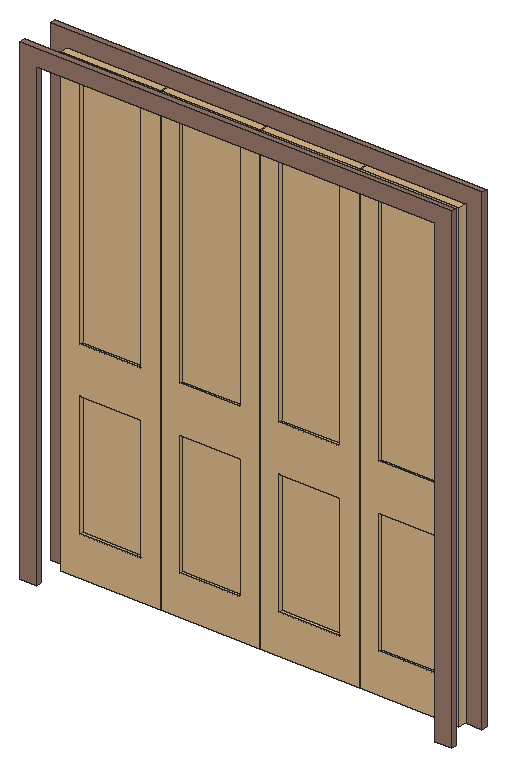
Revit family
Parameters (values of type "72" x 84"")
  Thickness = 0' - 1 1/2"
  Assembly Code = "C1020"
  Description = ""
  Door Material = Door - Panel
  Frame Material = Door - Frame
  Height = 7' - 0"
  Trim Width = 0' - 3"
  Wall Closure = (empty or 0)
  Width = 6' - 0"
Types (4): name | Height | Width
  48" x 84" | 7' - 0" | 4' - 0"
  60" x 84" | 7' - 0" | 5' - 0"
  72" x 84" | 7' - 0" | 6' - 0"
  72" x 80" | 6' - 8" | 6' - 0"
Reference planes (in)
  plane 1: y = 0
  plane 2 "Center": x = 0
  plane 3 "Left": x = -36
  plane 4 "Right": x = 36
  plane 5 "Top": z = 84
  plane 6: x = -18
  plane 7: x = 18
  plane 8: z = 44
  plane 9: x = -20
  plane 10: x = -4
  plane 11: y = 3
  plane 12: x = 4
  plane 13: x = 20
  plane 14: y = 1.5
  plane 15: y = -4
  plane 16: y = -3
  plane 17: y = 4
  plane 18: z = 7.25
  plane 19: z = 80.75
  plane 20: z = 29.5
  plane 21: z = 38
  plane 22: x = 32.5
  plane 23: x = 21.5
  plane 24: x = 3.5
  plane 25: x = 14.5
  plane 26: x = -3.5
  plane 27: x = -14.5
  plane 28: x = -21.5
  plane 29: x = -32.5
  plane 30: y = 2.5
  plane 31: y = 2
  plane 32: y = 3
Forms (in)
  Extrusion 1, solid, material "Door - Panel" <- "Door Material"
    sketch origin (-60, 3, 0) x (-1, 0, 0) y (0, 0, 1)
      loop
        line (-96, 0) -> (-78, 0) -> (-78, 84) -> (-96, 84) -> (-96, 0)
      loop
        line (-92.5, 80.75) -> (-92.5, 38) -> (-81.5, 38) -> (-81.5, 80.75) -> (-92.5, 80.75)
      loop
        line (-92.5, 29.5) -> (-92.5, 7.25) -> (-81.5, 7.25) -> (-81.5, 29.5) -> (-92.5, 29.5)
    from 0 to -1.5
  Extrusion 2, solid, material "Door - Panel" <- "Door Material"
    sketch origin (-60, 3, 0) x (-1, 0, 0) y (0, 0, 1)
      loop
        line (-78, 0) -> (-60, 0) -> (-60, 84) -> (-78, 84) -> (-78, 0)
      loop
        line (-74.5, 80.75) -> (-74.5, 38) -> (-63.5, 38) -> (-63.5, 80.75) -> (-74.5, 80.75)
      loop
        line (-74.5, 29.5) -> (-74.5, 7.25) -> (-63.5, 7.25) -> (-63.5, 29.5) -> (-74.5, 29.5)
    from 0 to -1.5
  Extrusion 3, solid, material "Door - Panel" <- "Door Material"
    sketch origin (-60, 3, 0) x (-1, 0, 0) y (0, 0, 1)
      loop
        line (-60, 0) -> (-42, 0) -> (-42, 84) -> (-60, 84) -> (-60, 0)
      loop
        line (-56.5, 80.75) -> (-56.5, 38) -> (-45.5, 38) -> (-45.5, 80.75) -> (-56.5, 80.75)
      loop
        line (-56.5, 29.5) -> (-56.5, 7.25) -> (-45.5, 7.25) -> (-45.5, 29.5) -> (-56.5, 29.5)
    from 0 to -1.5
  Extrusion 4, solid, material "Door - Panel" <- "Door Material"
    sketch origin (-60, 3, 0) x (-1, 0, 0) y (0, 0, 1)
      loop
        line (-42, 0) -> (-24, 0) -> (-24, 84) -> (-42, 84) -> (-42, 0)
      loop
        line (-38.5, 80.75) -> (-38.5, 38) -> (-27.5, 38) -> (-27.5, 80.75) -> (-38.5, 80.75)
      loop
        line (-38.5, 29.5) -> (-38.5, 7.25) -> (-27.5, 7.25) -> (-27.5, 29.5) -> (-38.5, 29.5)
    from 0 to -1.5
  Extrusion 5, solid, material "Door - Frame" <- "Frame Material"
    sketch origin (-60, 3, 0) x (-1, 0, 0) y (0, 0, 1)
      loop
        line (-99, 87) -> (-99, 0) -> (-96, 0) -> (-96, 84) -> (-24, 84) -> (-24, 0) -> (-21, 0) -> (-21, 87) -> (-99, 87)
    from 0 to 1
  Extrusion 6, solid, material "Door - Frame" <- "Frame Material"
    sketch origin (-60, -3, 0) x (-1, 0, 0) y (0, 0, -1)
      loop
        line (-99, -87) -> (-21, -87) -> (-21, 0) -> (-24, 0) -> (-24, -84) -> (-96, -84) -> (-96, 0) -> (-99, 0) -> (-99, -87)
    from 1 to 0
  Extrusion 7, solid, material "Door - Panel" <- "Door Material"
    sketch origin (-60, 3, 0) x (-1, 0, 0) y (0, 0, 1)
      loop
        line (-92.5, 80.75) -> (-92.5, 38) -> (-81.5, 38) -> (-81.5, 80.75) -> (-92.5, 80.75)
      loop
        line (-92.5, 29.5) -> (-92.5, 7.25) -> (-81.5, 7.25) -> (-81.5, 29.5) -> (-92.5, 29.5)
      loop
        line (-74.5, 80.75) -> (-74.5, 38) -> (-63.5, 38) -> (-63.5, 80.75) -> (-74.5, 80.75)
      loop
        line (-74.5, 29.5) -> (-74.5, 7.25) -> (-63.5, 7.25) -> (-63.5, 29.5) -> (-74.5, 29.5)
      loop
        line (-56.5, 29.5) -> (-56.5, 7.25) -> (-45.5, 7.25) -> (-45.5, 29.5) -> (-56.5, 29.5)
      loop
        line (-45.5, 80.75) -> (-56.5, 80.75) -> (-56.5, 38) -> (-45.5, 38) -> (-45.5, 80.75)
      loop
        line (-27.5, 80.75) -> (-38.5, 80.75) -> (-38.5, 38) -> (-27.5, 38) -> (-27.5, 80.75)
      loop
        line (-27.5, 29.5) -> (-38.5, 29.5) -> (-38.5, 7.25) -> (-27.5, 7.25) -> (-27.5, 29.5)
    from -1 to -0.5
Lines and regions (in)
  Opening 1
    outline origin (-90, -3, 0) x (1, 0, 0) y (0, 0, 1)
      loop
        line (54, 0) -> (126, 0) -> (126, 84) -> (54, 84) -> (54, 0)
  symbolic lines, style "InvisibleLines", detail levels coarse
    curve 1: line (-36, 3, 0) -> (-20, 11.38176, 0)
    curve 2: line (-20, 11.38176, 0) -> (-4, 3, 0)
    curve 11: line (20.00421, 11.38176, 0) -> (35.91046, 3.04911, 0)
    curve 15: line (19.99579, 11.38176, 0) -> (3.99579, 3, 0)
  symbolic lines, style "DoorsPanelProjection"
    curve 3: line (-35.99579, 2.9922, 0) -> (-20.80462, 12.64769, 0)
    curve 4: line (-35.19117, 1.72627, 0) -> (-35.99579, 2.9922, 0)
    curve 5: line (-20, 11.38176, 0) -> (-35.19117, 1.72627, 0)
    curve 6: line (-20.80462, 12.64769, 0) -> (-20, 11.38176, 0)
    curve 7: line (-4.00421, 2.9922, 0) -> (-19.19538, 12.64769, 0)
    curve 8: line (-4.80883, 1.72627, 0) -> (-4.00421, 2.9922, 0)
    curve 9: line (-20, 11.38176, 0) -> (-4.80883, 1.72627, 0)
    curve 10: line (-19.19538, 12.64769, 0) -> (-20, 11.38176, 0)
    curve 12: line (35.91046, 3.04911, 0) -> (20.80883, 12.64769, 0)
    curve 13: line (20.00421, 11.38176, 0) -> (35.19538, 1.72627, 0)
    curve 14: line (20.80883, 12.64769, 0) -> (20.00421, 11.38176, 0)
    curve 16: line (4, 2.9922, 0) -> (19.19117, 12.64769, 0)
    curve 17: line (4.80462, 1.72627, 0) -> (4, 2.9922, 0)
    curve 18: line (19.99579, 11.38176, 0) -> (4.80462, 1.72627, 0)
    curve 19: line (19.19117, 12.64769, 0) -> (19.99579, 11.38176, 0)
    curve 20: line (35.19538, 1.72627, 0) -> (35.91046, 3.04911, 0)
  symbolic lines, style "Elevation Swing"
    curve 21: line (0, 0, 84) -> (14.5, 0, 44)
    curve 22: line (0, 0, 0) -> (14.5, 0, 44)
    curve 23: line (18, 0, 84) -> (36, 0, 44)
    curve 24: line (18, 0, 0) -> (36, 0, 44)
    curve 25: line (-18, 0, 84) -> (-36, 0, 44)
    curve 26: line (-36, 0, 44) -> (-18, 0, 0)
    curve 27: line (0, 0, 0) -> (-18, 0, 44)
    curve 28: line (-18, 0, 44) -> (0, 0, 84)
Text (in)
  text "Exterior" at (-58.67754, 9.66748, 0), in view "Floor Line"
  text "Interior" at (-58.34764, -8.28425, 0), in view "Floor Line"
  text "Exterior" at (0, 40.15149, 123.01588), in view "Right"
  text "Interior" at (0, -64.39139, 123.01588), in view "Right"
  text "Interior" at (0, -31.01599, 123.00693), in view "Left"
  text "Exterior" at (0, 54.57065, 123.00693), in view "Left"
Dimensions and locks (in)
  "Height": host wall to plane 5 "Top"
  host wall to plane 8 to plane 5 "Top" = 3' - 8", 3' - 4"
  "Trim Width": Extrusion 5 sketch curve to Extrusion 1
  "Trim Width": Extrusion 5 sketch curve to Extrusion 5 sketch curve
  "Trim Width": Extrusion 5 sketch curve to Extrusion 4
  "Trim Width": Extrusion 6 sketch curve to Extrusion 6 sketch curve
  locked: plane 10 to plane 2 "Center" at 4
  locked: plane 2 "Center" to plane 12 at 4
  "Width": plane 3 "Left" to plane 4 "Right"
  locked: plane 15 to host wall at 1
  "Trim Width": plane 4 "Right" to Extrusion 6 sketch curve
  "Trim Width": plane 3 "Left" to Extrusion 6 sketch curve
  equal spacing: plane 3 "Left", plane 9, plane 10
  equal spacing: plane 12, plane 13, plane 4 "Right"
  equal spacing: plane 3 "Left", plane 6, plane 2 "Center", plane 7, plane 4 "Right"
  level to plane 18 to plane 20 to plane 21 = 0' - 7 1/4", 1' - 10 1/4", 0' - 8 1/2"
  plane 19 to plane 5 "Top" = 0' - 3 1/4"
  plane 4 "Right" to plane 22 = 0' - 3 1/2"
  plane 23 to plane 7 = 0' - 3 1/2"
  plane 7 to plane 25 = 0' - 3 1/2"
  plane 24 to plane 2 "Center" = 0' - 3 1/2"
  plane 2 "Center" to plane 26 = 0' - 3 1/2"
  plane 27 to plane 6 = 0' - 3 1/2"
  plane 6 to plane 28 = 0' - 3 1/2"
  plane 29 to plane 3 "Left" = 0' - 3 1/2"
  locked: curve 3 to curve 5 at 1.5
  locked: curve 9 to curve 7 at 1.5
  locked: curve 18 to curve 16 at 1.5
  locked: curve 13 to curve 12 at 1.5
  locked: plane 32 to host wall at 0
  locked: plane 32 to plane 17 at 1
  locked: plane 14 to plane 32 at 1.5
  plane 14 to plane 31 to plane 30 to plane 32 = 0' - 0 1/2", 0' - 0 1/2", 0' - 0 1/2"
  aligned and locked: plane 3 "Left" to Opening 1 sketch curve
  aligned and locked: plane 5 "Top" to Opening 1 sketch curve  (x2)
  aligned and locked: Opening 1 sketch curve to plane 4 "Right"
  aligned and locked: Opening 1 sketch curve to level
  aligned and locked: Extrusion 5 sketch curve to plane 5 "Top"
  aligned and locked: Extrusion 5 sketch curve to host wall
  aligned and locked: plane 15 to Extrusion 6
  aligned and locked: Extrusion 6 to host wall
  aligned and locked: plane 16 to host wall
  aligned and locked: plane 17 to Extrusion 5
  aligned and locked: Extrusion 5 to host wall
  aligned and locked: Extrusion 7 sketch curve to Extrusion 1  (x3)
  aligned and locked: Extrusion 7 sketch curve to Extrusion 2  (x4)
  aligned and locked: Extrusion 7 sketch curve to Extrusion 3  (x4)
  aligned and locked: Extrusion 7 sketch curve to Extrusion 4  (x2)
  aligned and locked: Extrusion 7 to plane 30
  aligned and locked: plane 31 to Extrusion 7
  aligned and locked: plane 14 to Extrusion 4
  aligned and locked: plane 14 to Extrusion 3
  aligned and locked: plane 14 to Extrusion 2
  aligned and locked: plane 14 to Extrusion 1
Automatic sketch dimensions
  Extrusion 5 sketch curve to level = 0' - 0"  (x2)
  Extrusion 5 sketch curve to plane 3 "Left" = 0' - 0"
  Extrusion 6 sketch curve to level = 0' - 0"  (x2)
  Extrusion 6 sketch curve to plane 4 "Right" = 0' - 0"
  Extrusion 6 sketch curve to plane 3 "Left" = 0' - 0"
  Extrusion 6 sketch curve to plane 5 "Top" = 0' - 0"
  Extrusion 1 sketch curve to level = 0' - 0"
  Extrusion 1 sketch curve to plane 4 "Right" = 0' - 0"
  Extrusion 1 sketch curve to plane 20 = 0' - 0"
  Extrusion 1 sketch curve to plane 22 = 0' - 0"  (x2)
  Extrusion 1 sketch curve to plane 18 = 0' - 0"
  Extrusion 1 sketch curve to plane 19 = 0' - 0"
  Extrusion 1 sketch curve to plane 23 = 0' - 0"  (x2)
  Extrusion 1 sketch curve to plane 7 = 0' - 0"
  Extrusion 1 sketch curve to plane 21 = 0' - 0"
  Extrusion 1 sketch curve to plane 5 "Top" = 0' - 0"
  Extrusion 2 sketch curve to level = 0' - 0"
  Extrusion 2 sketch curve to plane 7 = 0' - 0"
  Extrusion 2 sketch curve to plane 2 "Center" = 0' - 0"
  Extrusion 2 sketch curve to plane 5 "Top" = 0' - 0"
  Extrusion 3 sketch curve to level = 0' - 0"
  Extrusion 3 sketch curve to plane 2 "Center" = 0' - 0"
  Extrusion 3 sketch curve to plane 6 = 0' - 0"
  Extrusion 3 sketch curve to plane 5 "Top" = 0' - 0"
  Extrusion 4 sketch curve to level = 0' - 0"
  Extrusion 4 sketch curve to plane 6 = 0' - 0"
  Extrusion 4 sketch curve to plane 21 = 0' - 0"
  Extrusion 4 sketch curve to plane 28 = 0' - 0"  (x2)
  Extrusion 4 sketch curve to plane 19 = 0' - 0"
  Extrusion 4 sketch curve to plane 29 = 0' - 0"  (x2)
  Extrusion 4 sketch curve to plane 3 "Left" = 0' - 0"
  Extrusion 4 sketch curve to plane 5 "Top" = 0' - 0"
  Extrusion 7 sketch curve to plane 18 = 0' - 0"  (x4)
  Extrusion 7 sketch curve to plane 28 = 0' - 0"  (x2)
  Extrusion 7 sketch curve to plane 29 = 0' - 0"  (x2)
  Extrusion 7 sketch curve to plane 20 = 0' - 0"  (x4)
  Extrusion 2 sketch curve to plane 18 = 0' - 0"
  Extrusion 2 sketch curve to plane 25 = 0' - 0"  (x2)
  Extrusion 2 sketch curve to plane 20 = 0' - 0"
  Extrusion 2 sketch curve to plane 24 = 0' - 0"  (x2)
  Extrusion 2 sketch curve to plane 21 = 0' - 0"
  Extrusion 3 sketch curve to plane 18 = 0' - 0"
  Extrusion 3 sketch curve to plane 26 = 0' - 0"  (x2)
  Extrusion 3 sketch curve to plane 20 = 0' - 0"
  Extrusion 3 sketch curve to plane 27 = 0' - 0"  (x2)
  Extrusion 3 sketch curve to plane 21 = 0' - 0"
  Extrusion 4 sketch curve to plane 18 = 0' - 0"
  Extrusion 4 sketch curve to plane 20 = 0' - 0"
  Extrusion 7 sketch curve to plane 19 = 0' - 0"
  Extrusion 7 sketch curve to plane 22 = 0' - 0"
  Extrusion 7 sketch curve to plane 21 = 0' - 0"
  Extrusion 2 sketch curve to plane 19 = 0' - 0"
  Extrusion 7 sketch curve to plane 25 = 0' - 0"
  Extrusion 7 sketch curve to plane 24 = 0' - 0"
  Extrusion 3 sketch curve to plane 19 = 0' - 0"
  Extrusion 7 sketch curve to plane 26 = 0' - 0"
  Extrusion 7 sketch curve to plane 27 = 0' - 0"
  curve 1 to host wall = 0' - 0"
  curve 1 to plane 3 "Left" = 0' - 0"
  curve 5 to plane 9 = 0' - 0"
  curve 2 to host wall = 0' - 0"
  curve 2 to plane 10 = 0' - 0"
  curve 15 to host wall = 0' - 0"
  curve 16 to plane 12 = 0' - 0"
  curve 4 to plane 3 "Left" = 0' - 0.00421"
  curve 5 to plane 14 = 0' - 0.22627"
  curve 7 to plane 9 = 0' - 0.80462"
  curve 9 to plane 14 = 0' - 0.22627"
  plane 12 to curve 15 = 0' - 0.00421"
  curve 18 to plane 14 = 0' - 0.22627"
  plane 13 to curve 19 = 0' - 0.80883"
  curve 13 to plane 13 = 0' - 0.00421"
  curve 12 to plane 23 = 0' - 0.69117"
  curve 20 to plane 14 = 0' - 0.22627"
  curve 13 to plane 14 = 0' - 0.22627"
  curve 13 to curve 20 = 0' - 0"
  host wall to curve 11 = 0' - 0.04911"
  plane 4 "Right" to curve 11 = 0' - 0.08954"
  curve 20 to curve 11 = 0' - 0"  (x2)
  curve 4 to host wall = 0' - 0 1/128"
  curve 16 to host wall = 0' - 0 1/128"
  curve 25 to plane 5 "Top" = 0' - 0"
  curve 21 to plane 2 "Center" = 0' - 0"
  curve 21 to plane 5 "Top" = 0' - 0"
  curve 23 to plane 5 "Top" = 0' - 0"
  curve 23 to plane 4 "Right" = 0' - 0"
  curve 23 to plane 8 = 0' - 0"
  curve 22 to plane 8 = 0' - 0"
  curve 25 to plane 3 "Left" = 0' - 0"
  curve 25 to plane 8 = 0' - 0"
  curve 27 to plane 8 = 0' - 0"
  curve 28 to plane 6 = 0' - 0"
  curve 27 to level = 0' - 0"
  curve 26 to level = 0' - 0"
  curve 24 to level = 0' - 0"
  curve 25 to plane 6 = 0' - 0"
  curve 26 to plane 6 = 0' - 0"
  curve 22 to plane 2 "Center" = 0' - 0"
  curve 21 to plane 25 = 0' - 0"
  curve 24 to plane 7 = 0' - 0"
  curve 23 to plane 7 = 0' - 0"
